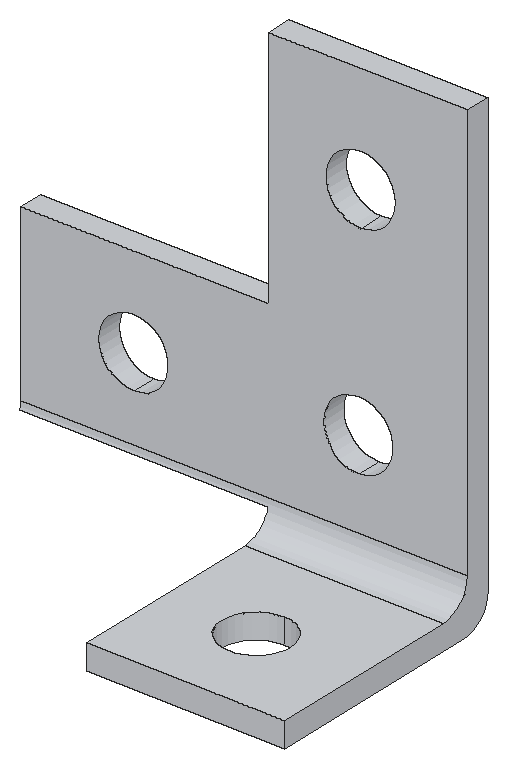
Revit family "MP14", category Generic Models, Revit 2017
Family settings
  Can host rebar = No
  Round Connector Dimension = Use Diameter
  Part Type = Normal
  Work Plane-Based = Yes
  Always vertical = No
  Cut with Voids When Loaded = No
  Shared = No
  Room Calculation Point = No
Parameters (values of type "NBS Standard Parameters")
  Weight = "0.36KG"
  WarrantyStartDate [instance] = "1900-12-31T23:59:59"
  WarrantyGuarantorParts = "n/a"
  WarrantyGuarantorLabor = "n/a"
  WarrantyDurationUnit = "1 year"
  WarrantyDurationParts = "n/a"
  WarrantyDurationLabor = "n/a"
  WarrantyDescription = "n/a"
  Version = "1"
  Uniclass2 = "Pr_65_70_11_19"
  TagNumber [instance] = "n/a"
  SustainabilityPerformance = "n/a"
  Size = "90 Degree"
  Shape = "Angle"
  SerialNumber [instance] = "n/a"
  Revision = "n/a"
  ReplacementCost = "n/a"
  ProductInformation = "www.metpro.co.uk/pdf/mp14.pdf"
  NominalWidth = 90 mm
  NominalLength = 80 mm
  NominalHeight = 50 mm
  Name = ""
  NBSTypeID = ""
  NBSReference = "90-55-10/305"
  NBSOfficeMasterTag = ""
  NBSNote = ""
  NBSDescription = "Channel Cable Supports"
  NBSCertification = ""
  ModelReference = "MP14"
  ModelNumber = "n/a"
  Material = "Steel"
  ManufacturerURL = "www.metpro.co.uk"
  ManufacturerName = "Metpro Ltd"
  Keynote = "Compliant to LU standard 1-085"
  InstallationDate [instance] = "1900-12-31T23:59:59"
  IfcExportType = ""
  IfcExportAs = ""
  Grade = "n/a"
  Finish = "Hot Dipped Galvanised"
  Features = "n/a"
  ExpectedLife = "n/a"
  DurationUnit = "year"
  Description = "MP14 -RGT Corner Bracket"
  Default Elevation = 1219.2 mm
  Constituents = "n/a"
  Color = "n/a"
  CodePerformance = "n/a"
  Category = "n/a"
  BarCode [instance] = "n/a"
  BIMObjectName = "Metpro_metprolibrary_Channelcablesupports_channelbrackets"
  Author = "Metpro Ltd"
  AssetType = ""
  AssetIdentifier [instance] = "n/a"
  AccessibilityPerformance = "n/a"
Reference planes
  plane 1 "Center (Front/Back)": y = 0
  plane 2: z = 0
  plane 3 "Center (Left/Right)": x = 0
Forms (mm)
  Extrusion 1, solid
    sketch origin (57.5, 11.921, -9.352) x (0, 0, -1) y (0, 1, 0)
      loop
        line (-46.852, 0) -> (-46.852, -5) -> (37.148, -5)
        arc (37.148, -5) -> (41.391, -6.757) -> (43.148, -11) r 6
        line (43.148, -11) -> (43.148, -51) -> (48.148, -51) -> (48.148, -6)
        arc (48.148, -6) -> (46.391, -1.757) -> (42.148, 0) r 6
        line (42.148, 0) -> (-46.852, 0)
    from -50 to 40
  Extrusion 2, void
    sketch origin (57.5, 9.422, -52.5) x (1, 0, 0) y (0, -1, 0)
      loop
        circle (19.117, 29.59) r 7
    from 0 to 5
  Extrusion 3, void
    sketch origin (57.5, 6.921, -52.5) x (0, 0, -1) y (-1, 0, 0)
      loop
        circle (-68.137, -18.506) r 7
      loop
        circle (-23.641, -18.014) r 7
      loop
        line (-100, 0) -> (-41, 0) -> (-41, 50) -> (-100, 50) -> (-100, 0)
      loop
        circle (-22.645, 27.29) r 7
    from 0 to 5
  Extrusion 4, void
    sketch origin (57.5, 11.921, -9.352) x (0, 0, 1) y (-1, 0, 0)
      loop
        line (-48.148, 0) -> (-38.778, 0) -> (-38.778, 50) -> (-48.148, 50) -> (-48.148, 0)
    from 0 to 51
Cuts and joins
  Extrusion 2, Extrusion 3, Extrusion 4 cuts Extrusion 1
Dimensions and locks
  aligned and locked: level to plane 2
  aligned and locked: Extrusion 2 to Extrusion 1
